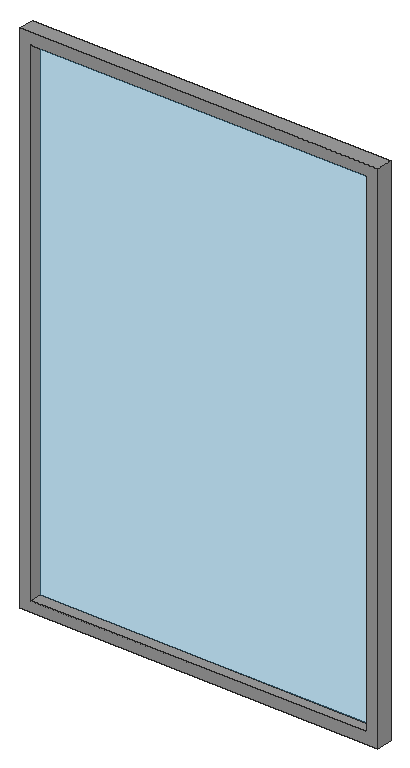
Revit family "ZS-30P FX001-CP_v02", category Curtain Panels, Revit 2015
Parameters
  Width [instance] = 5' - 6"
  Offset [instance] = 0' - 0"
  Height [instance] = 8' - 0"
  Glass Material = Glass
  Frame Material = Aluminum
  Analytic Construction = "<None>"
Reference planes (in)
  plane 1 "Front": y = 0
  plane 2: z = 0
  plane 3 "Center (Left/Right)": x = 0
  plane 4 "Left": x = -33
  plane 5 "Right": x = 33
  plane 6 "Top": z = 96
Text (in)
  text "Exterior" at (-54.29358, 31.38743, 0), in view "Ref. Level"
  text "Exterior" at (480, 41.53993, 89.60405), in view "Right"
  text "Exterior" at (-240, 57.82419, 105.78864), in view "Left"
  text "Min Size\n\n14\" width x 14\" height\n\n\n\nMax Size\n\n60\" x 96\"\n\n\n\nMax Area\n\n24 square feet" at (69.22888, 31.38743, 0), in view "Ref. Level"
Dimensions and locks (in)
  equal spacing: plane 4 "Left", plane 3 "Center (Left/Right)", plane 5 "Right"
  "Width": plane 4 "Left" to plane 5 "Right"
  "Height": plane 6 "Top" to plane 2
  aligned and locked: level to plane 2
  aligned and locked: plane 3 "Center (Left/Right)" to nested 1
  aligned and locked: plane 1 "Front" to nested 1
Nested families (in)
  nested 1: "ZS-30P-FX001-Panel" at (0, 6, 0), Height <- "Height", Width <- "Width", Offset <- "Offset", Frame Material <- "Frame Material", Glass Material <- "Glass Material", type "ZS-30P-FX001 Panel"
    with built-in parameter 1001301 5' - 6", Offset 0' - 0", built-in parameter 1001300 8' - 0", Glass Material Glass, Frame Material Aluminum
Definition of nested family "ZS-30P-FX001-Panel"
  Parameters (values of type "ZS-30P-FX001 Panel")
    Width [instance] = 2' - 11.99042"
    Offset [instance] = 0' - 11"
    Height [instance] = 3' - 0"
    Glass Material [instance] = none
    Frame Material [instance] = none
    Analytic Construction = "<None>"
  Reference planes (in)
    plane 1 "Offset": y = -17
    plane 2: z = 0
    plane 3 "Center (Left/Right)": x = 0
    plane 4: x = 17.99521
    plane 5: x = -17.99521
    plane 6 "Center (Front/Back)": y = -6
    plane 7: z = 36
    plane 8: z = 1.25
    plane 9: z = 34.75
    plane 10: x = 16.74521
    plane 11: x = -16.74521
    plane 12: z = 18
  Forms (in)
    Sweep 1, solid, material <- "Frame Material"
      path origin (0, -17, 0) x (1, 0, 0) y (0, 0, 1)
        loop
          line (-17.99521, 36) -> (-17.99521, 0)
      profile origin (-17.99521, -17, 18) x (0, -1, 0) y (1, 0, 0)
        loop
          line (0, 1.25) -> (0, 0) -> (3, 0) -> (3, 2) -> (1, 2) -> (1, 1.25) -> (0, 1.25)
    Sweep 2, solid, material <- "Frame Material"
      path origin (0, -17, 0) x (1, 0, 0) y (0, 0, 1)
        loop
          line (17.99521, 36) -> (17.99521, 0)
      profile origin (17.99521, -17, 18) x (0, -1, 0) y (1, 0, 0)
        loop
          line (0, 0) -> (0, -1.25) -> (1, -1.25) -> (1, -2) -> (3, -2) -> (3, 0) -> (0, 0)
    Sweep 3, solid, material <- "Frame Material"
      path origin (0, -17, 0) x (1, 0, 0) y (0, 0, 1)
        loop
          line (-17.99521, 36) -> (17.99521, 36)
      profile origin (0, -17, 36) x (0, 0, 1) y (0, -1, 0)
        loop
          line (0, 3) -> (-2, 3) -> (-2, 1) -> (-1.25, 1) -> (-1.25, 0) -> (0, 0) -> (0, 3)
    Sweep 4, solid, material <- "Frame Material"
      path origin (0, -17, 0) x (1, 0, 0) y (0, 0, 1)
        loop
          line (-17.99521, 0) -> (17.99521, 0)
      profile origin (0, -17, 0) x (0, 0, 1) y (0, -1, 0)
        loop
          line (1.25, 0) -> (1.25, 1) -> (2, 1) -> (2, 3) -> (0, 3) -> (0, 0) -> (1.25, 0)
    Extrusion 5, solid, material <- "Glass Material", detail levels coarse
      sketch origin (0, 0, 0) x (1, 0, 0) y (0, 1, 0)
        loop
          line (-16.74521, -17) -> (-16.74521, -18) -> (16.74521, -18) -> (16.74521, -17) -> (-16.74521, -17)
      from 1.25 to 34.75
    Extrusion 6, solid, detail levels medium+fine
      sketch origin (0, 0, 0) x (1, 0, 0) y (0, 1, 0)
        loop
          line (16.74521, -17) -> (-16.74521, -17) -> (-16.74521, -17.25) -> (16.74521, -17.25) -> (16.74521, -17)
        loop
          line (-16.74521, -18) -> (16.74521, -18) -> (16.74521, -17.7627) -> (-16.74521, -17.7627) -> (-16.74521, -18)
      from 1.25 to 34.75
  Cuts and joins
    joined: Sweep 1, Sweep 2, Sweep 3, Sweep 4
  Dimensions and locks (in)
    "Width": plane 5 to plane 4
    equal spacing: plane 5, plane 3 "Center (Left/Right)", plane 4
    "Height": plane 7 to plane 2
    locked: plane 9 to plane 7 at 1.25
    locked: plane 2 to plane 8 at 1.25
    Extrusion 5 sketch curve to plane 1 "Offset" to Extrusion 5 sketch curve = 0' - 1" locked, 0' - 0" locked
    locked: plane 10 to plane 4 at 1.25
    locked: plane 5 to plane 11 at 1.25
    Extrusion 6 sketch curve to Extrusion 6 sketch curve to Extrusion 6 sketch curve to plane 1 "Offset" to Extrusion 6 sketch curve = 0' - 0.2373" locked, 0' - 0.5127" locked, 0' - 0 1/4" locked, 0' - 0" locked
    locked: plane 5 to Sweep 3 sketch curve at 0
    locked: plane 4 to Sweep 3 sketch curve at 0
    locked: plane 7 to Sweep 2 sketch curve at 0
    locked: plane 2 to Sweep 2 sketch curve at 0
    locked: plane 4 to Sweep 4 sketch curve at 0
    locked: plane 5 to Sweep 4 sketch curve at 0
    equal spacing: plane 7, plane 12, plane 2
    "Offset": plane 1 "Offset" to plane 6 "Center (Front/Back)"
    aligned and locked: plane 2 to level
    aligned and locked: plane 3 "Center (Left/Right)" to nested 1
    aligned and locked: plane 1 "Offset" to nested 1
    aligned and locked: plane 2 to nested 2
    aligned and locked: nested 2 to plane 1 "Offset"
    aligned and locked: plane 8 to Extrusion 5
    aligned and locked: Extrusion 5 to plane 9
    aligned and locked: plane 11 to Extrusion 5
    aligned and locked: Extrusion 5 to plane 10
    aligned and locked: plane 11 to Extrusion 6  (x2)
    aligned and locked: Extrusion 6 to plane 10  (x2)
    aligned and locked: Extrusion 6 to plane 9
    aligned and locked: plane 8 to Extrusion 6
    aligned and locked: nested 2 to plane 9
    aligned and locked: plane 9 to Extrusion 6  (x2)
    aligned and locked: nested 2 to plane 8
    aligned and locked: plane 8 to nested 2  (x2)
    aligned and locked: nested 1 to plane 11
    aligned and locked: plane 11 to nested 1
    aligned and locked: nested 1 to plane 10  (x2)
    aligned and locked: plane 10 to nested 1
    aligned and locked: plane 7 to Sweep 1 sketch curve
    aligned and locked: plane 2 to Sweep 1 sketch curve
  Automatic sketch dimensions
    Sweep 1 sketch curve to plane 5 = 0' - 0"
    Sweep 1 sketch curve to profile plane = 0' - 0"
    Sweep 1 sketch curve to profile plane = 0' - 1 1/4"
    Sweep 1 sketch curve to Sweep 1 sketch curve = 0' - 0 3/4"
    plane 1 "Offset" to Sweep 1 sketch curve = 0' - 1"
    Sweep 1 sketch curve to Sweep 1 sketch curve = 0' - 2"
    plane 1 "Offset" to Sweep 1 sketch curve = 0' - 0"
    Sweep 2 sketch curve to plane 4 = 0' - 0"
    plane 1 "Offset" to Sweep 2 sketch curve = 0' - 1"
    profile plane to Sweep 2 sketch curve = 0' - 1 1/4"
    Sweep 2 sketch curve to Sweep 2 sketch curve = 0' - 0 3/4"
    Sweep 2 sketch curve to Sweep 2 sketch curve = 0' - 2"
    Sweep 2 sketch curve to profile plane = 0' - 0"
    plane 1 "Offset" to Sweep 2 sketch curve = 0' - 0"
    Sweep 3 sketch curve to plane 7 = 0' - 0"
    profile plane to Sweep 3 sketch curve = 0' - 0"
    plane 1 "Offset" to Sweep 3 sketch curve = 0' - 3"
    profile plane to Sweep 3 sketch curve = 0' - 2"
    plane 1 "Offset" to Sweep 3 sketch curve = 0' - 1"
    Sweep 3 sketch curve to Sweep 3 sketch curve = 0' - 0 3/4"
    Sweep 3 sketch curve to plane 1 "Offset" = 0' - 0"
    Sweep 4 sketch curve to level = 0' - 0"
    Sweep 4 sketch curve to plane 1 "Offset" = 0' - 0"
    profile plane to Sweep 4 sketch curve = 0' - 0"
    Sweep 4 sketch curve to profile plane = 0' - 1 1/4"
    plane 1 "Offset" to Sweep 4 sketch curve = 0' - 1"
    Sweep 4 sketch curve to Sweep 4 sketch curve = 0' - 0 3/4"
    Sweep 4 sketch curve to Sweep 4 sketch curve = 0' - 2"
    plane 5 to Extrusion 5 sketch curve = 0' - 1 1/4"
    Extrusion 5 sketch curve to plane 4 = 0' - 1 1/4"
    Extrusion 6 sketch curve to plane 11 = 0' - 0"  (x2)
    Extrusion 6 sketch curve to plane 10 = 0' - 0"  (x2)
  Nested families (in)
    nested 1: "ZS-30P-FX001-Plan View" at (0, -17, 0), Width <- "Width", type "ZS-30P-Plan View"
      with Width 2' - 11.99042"
    nested 2: "ZS-30P-FX001-Section Fixed" at (0, -17, 0) x (0, -1, 0) z (1, 0, 0), Height <- "Height", type "ZS-30P-FX001-Section Fixed"
      with Height 3' - 0"
  Definition of nested family "ZS-30P-FX001-Plan View"
    Parameters (values of type "ZS-30P-Plan View")
      Width [instance] = 2' - 0"
    Reference planes (in)
      plane 1 "Center (Front/Back)": y = 0
      plane 2: z = 0
      plane 3 "Center (Left/Right)": x = 0
      plane 4: x = 12
      plane 5: x = 10.75
      plane 6: x = -10.75
      plane 7: x = -12
    Lines and regions (in)
      detail lines, in view "Ref. Level"
        curve 1: line (-10.75, 0, 0) -> (10.75, 0, 0)
        curve 10: line (-10.75, -1, 0) -> (10.75, -1, 0)
      detail lines, in view "Ref. Level", detail levels fine
        curve 2: line (-10.75, -0.06, 0) -> (10.75, -0.06, 0)
        curve 3: line (-10.75, -0.12, 0) -> (10.75, -0.12, 0)
        curve 4: line (-10.75, -0.18, 0) -> (10.75, -0.18, 0)
        curve 7: line (-10.75, -0.8227, 0) -> (10.75, -0.8227, 0)
        curve 8: line (-10.75, -0.8827, 0) -> (10.75, -0.8827, 0)
        curve 9: line (-10.75, -0.9427, 0) -> (10.75, -0.9427, 0)
      detail lines, in view "Ref. Level", detail levels medium+fine
        curve 5: line (-10.75, -0.25, 0) -> (10.75, -0.25, 0)
        curve 6: line (-10.75, -0.7627, 0) -> (10.75, -0.7627, 0)
    Dimensions and locks (in)
      locked: plane 5 to plane 4 at 1.25
      locked: plane 7 to plane 6 at 1.25
      equal spacing: plane 7, plane 3 "Center (Left/Right)", plane 4
      "Width": plane 7 to plane 4
      aligned and locked: nested 2 to plane 1 "Center (Front/Back)"
      aligned and locked: nested 2 to plane 4
      aligned and locked: nested 1 to plane 7
      aligned and locked: nested 1 to plane 1 "Center (Front/Back)"
      aligned and locked: plane 6 to curve 10
      aligned and locked: plane 5 to curve 10
    Automatic sketch dimensions
      plane 1 "Center (Front/Back)" to curve 1 = 0' - 0"
      curve 1 to plane 6 = 0' - 0"
      curve 2 to plane 6 = 0' - 0"
      curve 9 to plane 6 = 0' - 0"
      curve 3 to plane 6 = 0' - 0"
      curve 8 to plane 6 = 0' - 0"
      curve 4 to plane 6 = 0' - 0"
      curve 7 to plane 6 = 0' - 0"
      curve 5 to plane 6 = 0' - 0"
      curve 6 to plane 6 = 0' - 0"
      curve 5 to plane 5 = 0' - 0"
      curve 6 to plane 5 = 0' - 0"
      curve 4 to plane 5 = 0' - 0"
      curve 7 to plane 5 = 0' - 0"
      curve 3 to plane 5 = 0' - 0"
      curve 8 to plane 5 = 0' - 0"
      curve 2 to plane 5 = 0' - 0"
      curve 9 to plane 5 = 0' - 0"
      curve 1 to plane 5 = 0' - 0"
      plane 1 "Center (Front/Back)" to curve 2 = 0' - 0.06"
      curve 3 to curve 2 = 0' - 0.06"
      curve 4 to curve 3 = 0' - 0.06"
      curve 5 to curve 4 = 0' - 0.07"
      curve 6 to curve 5 = 0' - 0.5127"
      curve 7 to curve 6 = 0' - 0.06"
      curve 8 to curve 7 = 0' - 0.06"
      curve 9 to curve 8 = 0' - 0.06"
      curve 10 to curve 9 = 0' - 0.0573"
    Nested families (in)
      nested 1: "ZS-30P-JAMB R" at (-12, 0, 0) x (-1, 0, 0) z (0, 0, 1), type "ZS-30P-JAMB R", in view "Ref. Level"
      nested 2: "ZS-30P-JAMB L" at (12, 0, 0) x (-1, 0, 0) z (0, 0, 1), type "ZS-30P-JAMB L", in view "Ref. Level"
    Definition of nested family "ZS-30P-JAMB R"
      Reference planes (in)
        plane 1 "Center (Front/Back)": y = 0
        plane 2: z = 0
        plane 3 "Center (Left/Right)": x = 0
      Lines and regions (in)
        detail lines, in view "Ref. Level"
          curve 1: line (0, 0, 0) -> (0, 3, 0)
          curve 2: line (0, 0, 0) -> (0, 3, 0)
          curve 3: line (0, 3, 0) -> (-2, 3, 0)
          curve 4: line (-2, 3, 0) -> (-2, 1, 0)
          curve 5: line (-2, 1, 0) -> (-1.25, 1, 0)
          curve 6: line (-1.25, 1, 0) -> (-1.25, 0, 0)
          curve 7: line (-1.25, 0, 0) -> (0, 0, 0)
    Definition of nested family "ZS-30P-JAMB L"
      Reference planes (in)
        plane 1 "Center (Front/Back)": y = 0
        plane 2: z = 0
        plane 3 "Center (Left/Right)": x = 0
      Lines and regions (in)
        detail lines, in view "Ref. Level"
          curve 1: line (0, 0, 0) -> (0, 3, 0)
          curve 2: line (0, 3, 0) -> (2, 3, 0)
          curve 3: line (2, 3, 0) -> (2, 1, 0)
          curve 4: line (2, 1, 0) -> (1.25, 1, 0)
          curve 5: line (1.25, 1, 0) -> (1.25, 0, 0)
          curve 6: line (1.25, 0, 0) -> (0, 0, 0)
  Definition of nested family "ZS-30P-FX001-Section Fixed"
    Parameters (values of type "ZS-30P-FX001-Section Fixed")
      Height [instance] = 3' - 0"
    Reference planes (in)
      plane 1 "Center (Front/Back)": y = 0
      plane 2: z = 0
      plane 3 "Center (Left/Right)": x = 0
      plane 4: y = 36
      plane 5: y = 34.75
      plane 6: y = 1.25
    Lines and regions (in)
      detail lines, in view "Ref. Level"
        curve 1: line (0, 1.25, 0) -> (0, 34.75, 0)
        curve 10: line (1, 1.25, 0) -> (1, 34.75, 0)
      detail lines, in view "Ref. Level", detail levels fine
        curve 2: line (0.0573, 1.25, 0) -> (0.0573, 34.75, 0)
        curve 3: line (0.1173, 1.25, 0) -> (0.1173, 34.75, 0)
        curve 4: line (0.1773, 1.25, 0) -> (0.1773, 34.75, 0)
        curve 7: line (0.82, 1.25, 0) -> (0.82, 34.75, 0)
        curve 8: line (0.88, 1.25, 0) -> (0.88, 34.75, 0)
        curve 9: line (0.94, 1.25, 0) -> (0.94, 34.75, 0)
      detail lines, in view "Ref. Level", detail levels medium+fine
        curve 5: line (0.2373, 1.25, 0) -> (0.2373, 34.75, 0)
        curve 6: line (0.75, 1.25, 0) -> (0.75, 34.75, 0)
    Dimensions and locks (in)
      "Height": plane 1 "Center (Front/Back)" to plane 4
      locked: plane 6 to plane 1 "Center (Front/Back)" at 1.25
      locked: plane 4 to plane 5 at 1.25
      aligned and locked: plane 3 "Center (Left/Right)" to nested 1
      aligned and locked: nested 1 to plane 4
      aligned and locked: plane 5 to curve 10
      aligned and locked: plane 6 to curve 10
      aligned and locked: plane 1 "Center (Front/Back)" to nested 2
      aligned and locked: plane 3 "Center (Left/Right)" to nested 2
      aligned and locked: plane 5 to curve 9
      aligned and locked: plane 5 to curve 6
      aligned and locked: plane 5 to curve 7
      aligned and locked: plane 5 to curve 8
      aligned and locked: plane 5 to curve 5
      aligned and locked: plane 5 to curve 4
      aligned and locked: plane 5 to curve 3
      aligned and locked: plane 5 to curve 2
      aligned and locked: plane 5 to curve 1
      aligned and locked: plane 6 to curve 9
      aligned and locked: plane 6 to curve 8
      aligned and locked: plane 6 to curve 7
      aligned and locked: plane 6 to curve 6
      aligned and locked: plane 6 to curve 5
      aligned and locked: plane 6 to curve 4
      aligned and locked: plane 6 to curve 3
      aligned and locked: plane 6 to curve 2
      aligned and locked: plane 6 to curve 1
    Automatic sketch dimensions
      curve 1 to plane 3 "Center (Left/Right)" = 0' - 0"
      plane 3 "Center (Left/Right)" to curve 2 = 0' - 0.0573"
      curve 2 to curve 3 = 0' - 0.06"
      curve 3 to curve 4 = 0' - 0.06"
      curve 4 to curve 5 = 0' - 0.06"
      curve 5 to curve 6 = 0' - 0.5127"
      curve 6 to curve 7 = 0' - 0.07"
      curve 7 to curve 8 = 0' - 0.06"
      curve 8 to curve 9 = 0' - 0.06"
      curve 9 to curve 10 = 0' - 0.06"
    Nested families (in)
      nested 1: "ZS-30P-HEAD" at (0, 36, 0), type "ZS-30P-HEAD", in view "Ref. Level"
      nested 2: "ZS-30P-SILL" at (0, 0, 0), type "ZS-30P-SILL", in view "Ref. Level"
    Definition of nested family "ZS-30P-HEAD"
      Reference planes (in)
        plane 1 "Center (Front/Back)": y = 0
        plane 2: z = 0
        plane 3 "Center (Left/Right)": x = 0
      Lines and regions (in)
        detail lines, in view "Ref. Level"
          curve 1: line (0, 0, 0) -> (3, 0, 0)
          curve 2: line (3, 0, 0) -> (3, -2, 0)
          curve 3: line (3, -2, 0) -> (1, -2, 0)
          curve 4: line (1, -2, 0) -> (1, -1.25, 0)
          curve 5: line (1, -1.25, 0) -> (0, -1.25, 0)
          curve 6: line (0, -1.25, 0) -> (0, 0, 0)
    Definition of nested family "ZS-30P-SILL"
      Reference planes (in)
        plane 1 "Center (Front/Back)": y = 0
        plane 2: z = 0
        plane 3 "Center (Left/Right)": x = 0
      Lines and regions (in)
        detail lines, in view "Ref. Level"
          curve 1: line (0, 0, 0) -> (3, 0, 0)
          curve 2: line (3, 0, 0) -> (3, 2, 0)
          curve 3: line (3, 2, 0) -> (1, 2, 0)
          curve 4: line (1, 2, 0) -> (1, 1.25, 0)
          curve 5: line (1, 1.25, 0) -> (0, 1.25, 0)
        model lines, in view "Ref. Level", detail levels medium+fine
          curve 6: arc (1.25, 0.85625, 0) -> (1.27816, 0.82515, 0) -> (1.31189, 0.8501, 0) r 0.03125
          curve 7: arc (1.34228, 0.875, 0) -> (1.32264, 0.86798, 0) -> (1.31189, 0.8501, 0) r 0.031
          curve 8: arc (1.4375, 0.844, 0) -> (1.42842, 0.86592, 0) -> (1.4065, 0.875, 0) r 0.031
          curve 9: arc (1.4065, 0.563, 0) -> (1.42842, 0.57208, 0) -> (1.4375, 0.594, 0) r 0.031
          curve 10: arc (1.31189, 0.5879, 0) -> (1.32264, 0.57002, 0) -> (1.34228, 0.563, 0) r 0.031
          curve 11: arc (1.31189, 0.5879, 0) -> (1.27816, 0.61285, 0) -> (1.25, 0.58175, 0) r 0.03125
          curve 12: arc (1.40625, 0.46925, 0) -> (1.49464, 0.50586, 0) -> (1.53125, 0.59425, 0) r 0.125
          curve 13: arc (1.53125, 0.875, 0) -> (1.49464, 0.96339, 0) -> (1.40625, 1, 0) r 0.125
          curve 14: arc (1.406, 1.875, 0) -> (1.38408, 1.86592, 0) -> (1.375, 1.844, 0) r 0.031
          curve 15: arc (2.35305, 1.8336, 0) -> (2.34918, 1.86187, 0) -> (2.32384, 1.875, 0) r 0.031
          curve 16: arc (2.35305, 1.8336, 0) -> (2.34685, 1.75156, 0) -> (2.38326, 1.67778, 0) r 0.156
          curve 17: arc (2.38326, 1.67778, 0) -> (2.43619, 1.67459, 0) -> (2.43938, 1.72752, 0) r 0.0375
          curve 18: arc (2.56062, 1.72752, 0) -> (2.5, 1.86225, 0) -> (2.43938, 1.72752, 0) r 0.081
          curve 19: arc (2.56062, 1.72752, 0) -> (2.56381, 1.67459, 0) -> (2.61674, 1.67778, 0) r 0.0375
          curve 20: arc (2.61674, 1.67778, 0) -> (2.65315, 1.75156, 0) -> (2.64695, 1.8336, 0) r 0.156
          curve 21: arc (2.67616, 1.875, 0) -> (2.65082, 1.86187, 0) -> (2.64695, 1.8336, 0) r 0.031
          curve 22: arc (2.875, 1.844, 0) -> (2.86592, 1.86592, 0) -> (2.844, 1.875, 0) r 0.031
          curve 23: arc (2.875, 0.062, 0) -> (2.89316, 0.01816, 0) -> (2.937, 0, 0) r 0.062
          curve 24: arc (0.625, 0.032, 0) -> (0.60684, 0.07584, 0) -> (0.563, 0.094, 0) r 0.062
          curve 25: arc (0.125, 0.125, 0) -> (0.13408, 0.10308, 0) -> (0.156, 0.094, 0) r 0.031
          curve 26: arc (0.156, 0.875, 0) -> (0.13408, 0.86592, 0) -> (0.125, 0.844, 0) r 0.031
          curve 27: arc (0.6875, 0.844, 0) -> (0.67842, 0.86592, 0) -> (0.6565, 0.875, 0) r 0.031
          curve 28: arc (0.65128, 0.77902, 0) -> (0.67649, 0.78588, 0) -> (0.6875, 0.80958, 0) r 0.031
          curve 29: arc (0.65128, 0.77902, 0) -> (0.57434, 0.7728, 0) -> (0.50981, 0.73045, 0) r 0.156
          curve 30: arc (0.50981, 0.73045, 0) -> (0.51221, 0.67747, 0) -> (0.56519, 0.67987, 0) r 0.0375
          curve 31: arc (0.55485, 0.58475, 0) -> (0.70553, 0.6165, 0) -> (0.56519, 0.67987, 0) r 0.081
          curve 32: arc (1, 0.58175, 0) -> (0.97184, 0.61285, 0) -> (0.93811, 0.5879, 0) r 0.03125
          curve 33: arc (0.90772, 0.563, 0) -> (0.92736, 0.57002, 0) -> (0.93811, 0.5879, 0) r 0.031
          curve 34: arc (0.8125, 0.594, 0) -> (0.82158, 0.57208, 0) -> (0.8435, 0.563, 0) r 0.031
          curve 35: arc (0.8435, 0.875, 0) -> (0.82158, 0.86592, 0) -> (0.8125, 0.844, 0) r 0.031
          curve 36: arc (0.93811, 0.8501, 0) -> (0.92736, 0.86798, 0) -> (0.90772, 0.875, 0) r 0.031
          curve 37: arc (0.93811, 0.8501, 0) -> (0.97184, 0.82515, 0) -> (1, 0.85625, 0) r 0.03125
          curve 38: line (1.34228, 0.875, 0) -> (1.4065, 0.875, 0)
          curve 39: line (1.4375, 0.844, 0) -> (1.4375, 0.594, 0)
          curve 40: line (1.4065, 0.563, 0) -> (1.34228, 0.563, 0)
          curve 41: line (1.25, 0.58175, 0) -> (1.25, 0.46925, 0)
          curve 42: line (1.25, 0.46925, 0) -> (1.40625, 0.46925, 0)
          curve 43: line (1.53125, 0.59425, 0) -> (1.53125, 0.875, 0)
          curve 44: line (1.40625, 1, 0) -> (1.375, 1, 0)
          curve 45: line (1.375, 1, 0) -> (1.375, 1.844, 0)
          curve 46: line (1.406, 1.875, 0) -> (2.32384, 1.875, 0)
          curve 47: line (2.67616, 1.875, 0) -> (2.844, 1.875, 0)
          curve 48: line (2.875, 1.844, 0) -> (2.875, 0.062, 0)
          curve 49: line (2.937, 0, 0) -> (3, 0, 0)
          curve 50: line (3, 0, 0) -> (3, 2, 0)
          curve 51: line (3, 2, 0) -> (1.25, 2, 0)
          curve 52: line (1.25, 2, 0) -> (1.25, 1.938, 0)
          curve 53: line (1.25, 1.938, 0) -> (1.275, 1.938, 0)
          curve 54: line (1.275, 1.938, 0) -> (1.25, 1.913, 0)
          curve 55: line (1.25, 1.913, 0) -> (1.25, 1.876, 0)
          curve 56: line (1.25, 1.876, 0) -> (1.275, 1.876, 0)
          curve 57: line (1.275, 1.876, 0) -> (1.25, 1.851, 0)
          curve 58: line (1.25, 1.851, 0) -> (1.25, 1.814, 0)
          curve 59: line (1.25, 1.814, 0) -> (1.275, 1.814, 0)
          curve 60: line (1.275, 1.814, 0) -> (1.25, 1.789, 0)
          curve 61: line (1.25, 1.789, 0) -> (1.25, 1.752, 0)
          curve 62: line (1.25, 1.752, 0) -> (1.275, 1.752, 0)
          curve 63: line (1.275, 1.752, 0) -> (1.25, 1.727, 0)
          curve 64: line (1.25, 1.727, 0) -> (1.25, 1.69, 0)
          curve 65: line (1.25, 1.69, 0) -> (1.275, 1.69, 0)
          curve 66: line (1.275, 1.69, 0) -> (1.25, 1.665, 0)
          curve 67: line (1.25, 1.665, 0) -> (1.25, 1.628, 0)
          curve 68: line (1.25, 1.628, 0) -> (1.275, 1.628, 0)
          curve 69: line (1.275, 1.628, 0) -> (1.25, 1.603, 0)
          curve 70: line (1.25, 1.603, 0) -> (1.25, 1.566, 0)
          curve 71: line (1.25, 1.566, 0) -> (1.275, 1.566, 0)
          curve 72: line (1.275, 1.566, 0) -> (1.25, 1.541, 0)
          curve 73: line (1.25, 1.541, 0) -> (1.25, 0.98, 0)
          curve 74: line (1.25, 0.98, 0) -> (1.25, 0.875, 0)
          curve 75: line (1.25, 0.875, 0) -> (1.25, 0.85625, 0)
          curve 76: line (0.75, 2.75388, 0) -> (0.75, 1.25, 0)
          curve 77: line (0.75, 1.25, 0) -> (1, 1.25, 0)
          curve 78: line (1, 1.25, 0) -> (1, 2.75388, 0)
          curve 79: line (1, 2.75388, 0) -> (1, 1.25, 0)
          curve 80: line (0, 1.25, 0) -> (0, 2.75388, 0)
          curve 81: line (0, 2.75388, 0) -> (0, 1.25, 0)
          curve 82: line (0, 1.25, 0) -> (0.2373, 1.25, 0)
          curve 83: line (0.2373, 1.25, 0) -> (0.2373, 2.75388, 0)
          curve 84: line (1, 0.85625, 0) -> (1, 0.875, 0)
          curve 85: line (1, 0.875, 0) -> (1, 0.98, 0)
          curve 86: line (1, 0.98, 0) -> (0.98, 1, 0)
          curve 87: line (0.98, 1, 0) -> (0, 1, 0)
          curve 88: line (0, 1, 0) -> (0, 0, 0)
          curve 89: line (0, 0, 0) -> (0.085, 0, 0)
          curve 90: line (0.085, 0, 0) -> (0.105, 0.02, 0)
          curve 91: line (0.105, 0.02, 0) -> (0.125, 0, 0)
          curve 92: line (0.125, 0, 0) -> (0.145, 0.02, 0)
          curve 93: line (0.145, 0.02, 0) -> (0.165, 0, 0)
          curve 94: line (0.165, 0, 0) -> (0.185, 0.02, 0)
          curve 95: line (0.185, 0.02, 0) -> (0.205, 0, 0)
          curve 96: line (0.205, 0, 0) -> (0.225, 0.02, 0)
          curve 97: line (0.225, 0.02, 0) -> (0.245, 0, 0)
          curve 98: line (0.245, 0, 0) -> (0.265, 0.02, 0)
          curve 99: line (0.265, 0.02, 0) -> (0.285, 0, 0)
          curve 100: line (0.285, 0, 0) -> (0.305, 0.02, 0)
          curve 101: line (0.305, 0.02, 0) -> (0.325, 0, 0)
          curve 102: line (0.325, 0, 0) -> (0.345, 0.02, 0)
          curve 103: line (0.345, 0.02, 0) -> (0.365, 0, 0)
          curve 104: line (0.365, 0, 0) -> (0.385, 0.02, 0)
          curve 105: line (0.385, 0.02, 0) -> (0.405, 0, 0)
          curve 106: line (0.405, 0, 0) -> (0.425, 0.02, 0)
          curve 107: line (0.425, 0.02, 0) -> (0.445, 0, 0)
          curve 108: line (0.445, 0, 0) -> (0.465, 0.02, 0)
          curve 109: line (0.465, 0.02, 0) -> (0.485, 0, 0)
          curve 110: line (0.485, 0, 0) -> (0.505, 0.02, 0)
          curve 111: line (0.505, 0.02, 0) -> (0.525, 0, 0)
          curve 112: line (0.525, 0, 0) -> (0.545, 0.02, 0)
          curve 113: line (0.545, 0.02, 0) -> (0.565, 0, 0)
          curve 114: line (0.565, 0, 0) -> (0.625, 0, 0)
          curve 115: line (0.625, 0, 0) -> (0.625, 0.032, 0)
          curve 116: line (0.563, 0.094, 0) -> (0.156, 0.094, 0)
          curve 117: line (0.125, 0.125, 0) -> (0.125, 0.844, 0)
          curve 118: line (0.156, 0.875, 0) -> (0.6565, 0.875, 0)
          curve 119: line (0.6875, 0.844, 0) -> (0.6875, 0.80958, 0)
          curve 120: line (0.55485, 0.58475, 0) -> (0.5, 0.55308, 0)
          curve 121: line (0.5, 0.55308, 0) -> (0.5, 0.46925, 0)
          curve 122: line (0.5, 0.46925, 0) -> (1, 0.46925, 0)
          curve 123: line (1, 0.46925, 0) -> (1, 0.58175, 0)
          curve 124: line (0.90772, 0.563, 0) -> (0.8435, 0.563, 0)
          curve 125: line (0.8125, 0.594, 0) -> (0.8125, 0.844, 0)
          curve 126: line (0.8435, 0.875, 0) -> (0.90772, 0.875, 0)
        model lines, in view "Ref. Level"
          curve 127: line (3, 0, 0) -> (0, 0, 0)
          curve 128: line (0, 0, 0) -> (0, 1.25, 0)
          curve 129: line (0, 1.25, 0) -> (1, 1.25, 0)
          curve 130: line (1, 1.25, 0) -> (1, 2, 0)
          curve 131: line (1, 2, 0) -> (3, 2, 0)
          curve 132: line (3, 2, 0) -> (3, 0, 0)
        model lines, in view "Ref. Level", detail levels fine
          curve 133: arc (1.25, 0.46925, 0) -> (1.125, 0.48406, 0) -> (1, 0.46925, 0) r 0.53492
          curve 134: arc (0, 1, 0) -> (0.02845, 1.125, 0) -> (0, 1.25, 0) r 0.28887
          curve 135: arc (0.75, 1.25, 0) -> (0.49365, 1.31241, 0) -> (0.2373, 1.25, 0) r 0.5577
          curve 136: arc (0.28, 1.75, 0) -> (0.26586, 1.74414, 0) -> (0.26, 1.73, 0) r 0.02
          curve 137: arc (0.26, 1.395, 0) -> (0.26586, 1.38086, 0) -> (0.28, 1.375, 0) r 0.02
          curve 138: arc (0.7007, 1.375, 0) -> (0.71484, 1.38086, 0) -> (0.7207, 1.395, 0) r 0.02
          curve 139: line (1.25, 2, 0) -> (1, 2, 0)
          curve 140: line (1, 0.87867, 0) -> (1.25, 0.87867, 0)
          curve 141: line (0.82, 1.25, 0) -> (0.82, 2.75388, 0)
          curve 142: line (0.88, 2.75388, 0) -> (0.88, 1.25, 0)
          curve 143: line (0.94, 1.25, 0) -> (0.94, 2.75388, 0)
          curve 144: line (0.1173, 2.75388, 0) -> (0.1173, 1.25, 0)
          curve 145: line (0.1773, 1.25, 0) -> (0.1773, 2.75388, 0)
          curve 146: line (1.0625, 1, 0) -> (1.0625, 1.25, 0)
          curve 147: line (1.0625, 1.25, 0) -> (0.0625, 1.25, 0)
          curve 148: line (0.0625, 1.25, 0) -> (0.0625, 1, 0)
          curve 149: line (0.0625, 1, 0) -> (1.0625, 1, 0)
          curve 150: line (1.0625, 1, 0) -> (0.0625, 1.25, 0)
          curve 151: line (0.0573, 1.25, 0) -> (0.0573, 2.75388, 0)
          curve 152: line (0.7007, 1.75, 0) -> (0.5067, 1.75, 0)
          curve 153: line (0.5067, 1.75, 0) -> (0.5067, 1.714, 0)
          curve 154: line (0.5067, 1.714, 0) -> (0.6847, 1.714, 0)
          curve 155: line (0.6847, 1.714, 0) -> (0.6847, 1.411, 0)
          curve 156: line (0.6847, 1.411, 0) -> (0.296, 1.411, 0)
          curve 157: line (0.296, 1.411, 0) -> (0.296, 1.714, 0)
          curve 158: line (0.296, 1.714, 0) -> (0.474, 1.714, 0)
          curve 159: line (0.474, 1.714, 0) -> (0.474, 1.75, 0)
          curve 160: line (0.474, 1.75, 0) -> (0.28, 1.75, 0)
          curve 161: line (0.26, 1.73, 0) -> (0.26, 1.395, 0)
          curve 162: line (0.28, 1.375, 0) -> (0.7007, 1.375, 0)
          curve 163: line (0.7207, 1.395, 0) -> (0.7207, 1.73, 0)
          curve 164: arc (0.7207, 1.73, 0) -> (0.71484, 1.74414, 0) -> (0.7007, 1.75, 0) r 0.02
